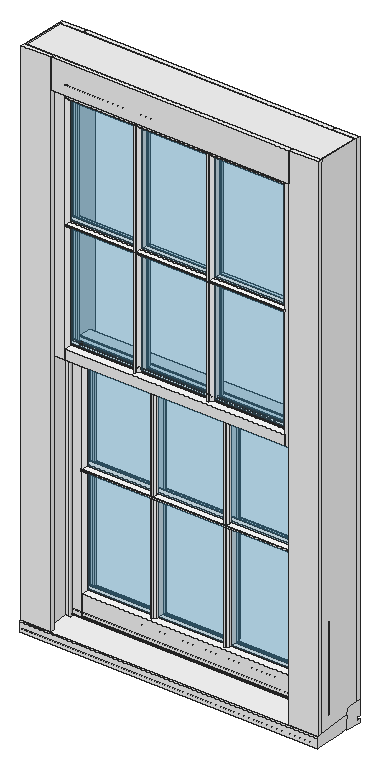
Revit family "B1-66", category Generic Models, Revit 2012 (continued)
Forms (mm)
  Extrusion 84, solid, material "White" <- "Floor Material"
    sketch origin (-86.465, 775.395, 333.96) x (-1, 0, 0) y (0, -1, 0)
      loop
        line (-196.365, 777.429) -> (-196.365, 778.733) -> (-201.693, 778.733) -> (-201.693, 777.429) -> (-200.433, 777.429) -> (-197.323, 777.429) -> (-196.365, 777.429)
    from 618 to 977.04
  Extrusion 85, solid, material "White" <- "Floor Material"
    sketch origin (-86.465, 775.395, 308.96) x (-1, 0, 0) y (0, -1, 0)
      loop
        line (-201.578, 772.766) -> (-195.897, 772.766)
        spline (-195.897, 772.766) -> (-196.288, 773.028) -> (-196.546, 773.345) -> (-196.701, 773.707) -> (-196.782, 774.104) -> (-196.817, 774.528) -> (-196.837, 774.968) -> (-196.871, 775.416) -> (-196.947, 775.861) -> (-197.095, 776.295) -> (-197.343, 776.707) -> (-197.722, 777.088) -> (-198.261, 777.429)
        line (-198.261, 777.429) -> (-199.495, 777.429)
        spline (-199.495, 777.429) -> (-200.004, 777.07) -> (-200.356, 776.68) -> (-200.579, 776.266) -> (-200.702, 775.836) -> (-200.755, 775.398) -> (-200.766, 774.96) -> (-200.765, 774.529) -> (-200.779, 774.114) -> (-200.839, 773.722) -> (-200.973, 773.362) -> (-201.21, 773.041) -> (-201.578, 772.766)
    from 643 to 1002.04
  Extrusion 86, solid, material "White" <- "Floor Material"
    sketch origin (-85.541, 770.224, 333.96) x (-1, 0, 0) y (0, -1, 0)
      loop
        line (-201.463, 771.474) -> (-199.969, 771.474) -> (-199.969, 772.26) -> (-200.769, 772.26) -> (-200.769, 773.563) -> (-195.441, 773.563) -> (-195.441, 772.26) -> (-196.241, 772.26) -> (-196.241, 771.474) -> (-194.463, 771.474) -> (-194.463, 774.474) -> (-196.777, 774.474) -> (-196.777, 778.474) -> (-199.213, 778.474) -> (-199.213, 774.474) -> (-201.463, 774.474) -> (-201.463, 771.474)
    from 618 to 1336.04
  Extrusion 87, solid, material "White" <- "Floor Material"
    sketch origin (-84.582, -643.152, 0) x (-1, 0, 0) y (0, -1, 0)
      loop
        line (-288.504, -795.902) -> (-206.504, -795.902) -> (-206.504, -780.902) -> (-288.504, -780.902) -> (-288.504, -795.902)
    from 68 to 1770
  Extrusion 88, solid, material "White" <- "Floor Material"
    sketch origin (-84.582, -643.152, 0) x (-1, 0, 0) y (0, -1, 0)
      loop
        line (-288.504, -621.902) -> (-288.504, -636.902) -> (-188.504, -636.902) -> (-188.504, -621.902) -> (-288.504, -621.902)
    from 33 to 1770
  Extrusion 89, solid, material "White" <- "Floor Material"
    sketch origin (-174.603, 18.977, 0) x (0, 1, 0) y (0, 0, 1)
      loop
        line (118.773, 68) -> (118.773, 1770) -> (-25.227, 1770) -> (-25.227, 35.138) -> (79.523, 48) -> (79.523, 52.913)
        arc (79.523, 52.913) -> (82.523, 55.913) -> (79.523, 58.913) r 3
        line (79.523, 58.913) -> (79.523, 63.825) -> (113.523, 68) -> (118.773, 68)
    from 372.603 to 378.603
  Extrusion 90, solid, material "White" <- "Floor Material"
    sketch origin (-84.583, -643.152, 0) x (-1, 0, 0) y (0, -1, 0)
      loop
        line (-232.504, -775.902) -> (-223.504, -775.902) -> (-223.504, -780.902) -> (-215.504, -780.902) -> (-215.504, -775.902) -> (-206.504, -775.902) -> (-206.504, -641.902) -> (-215.504, -641.902) -> (-215.504, -636.902) -> (-223.504, -636.902) -> (-223.504, -641.902) -> (-232.504, -641.902) -> (-232.504, -775.902)
    from 0 to 1670
  Extrusion 91, solid, material "White" <- "Floor Material"
    sketch origin (-84.582, -571.902, -672) x (-1, 0, 0) y (0, -1, 0)
      loop
        line (-162.504, -700.402) -> (-157.504, -700.402) -> (-157.504, -697.402)
        arc (-157.504, -697.402) -> (-151.847, -695.059) -> (-149.504, -689.402) r 8
        line (-149.504, -689.402) -> (-146.504, -689.402) -> (-146.504, -685.402) -> (-150.504, -684.402) -> (-150.504, -681.402) -> (-162.504, -681.402) -> (-162.504, -700.402)
    from 705 to 1545.52
  Extrusion 92, solid, material "White" <- "Floor Material"
    sketch origin (-84.582, -571.902, 81.96) x (-1, 0, 0) y (0, -1, 0)
      loop
        line (-162.504, -643.402) -> (-199.504, -643.402)
        arc (-199.504, -643.402) -> (-201.625, -644.281) -> (-202.504, -646.402) r 3
        line (-202.504, -646.402) -> (-202.504, -651.402) -> (-196.504, -651.402) -> (-196.504, -654.402) -> (-202.504, -654.402) -> (-202.504, -667.402) -> (-196.504, -667.402) -> (-196.504, -679.402) -> (-202.504, -679.402) -> (-202.504, -700.402)
        arc (-202.504, -700.402) -> (-201.625, -702.524) -> (-199.504, -703.402) r 3
        line (-199.504, -703.402) -> (-162.504, -703.402) -> (-162.504, -643.402)
    from 791.56 to 1603.04
  Extrusion 93, solid, material "White" <- "Floor Material"
    sketch origin (-1191.481, -714.403, 1493.434) x (0, 0, -1) y (0, 1, 0)
      loop
        arc (-199.504, 774.402) -> (-201.625, 773.524) -> (-202.504, 771.402) r 3
        line (-202.504, 771.402) -> (-202.504, 766.402) -> (-196.504, 766.402) -> (-196.504, 763.402) -> (-202.504, 763.402) -> (-202.504, 750.402) -> (-196.504, 750.402) -> (-196.504, 738.402) -> (-202.504, 738.402) -> (-202.504, 717.402)
        arc (-202.504, 717.402) -> (-201.625, 715.281) -> (-199.504, 714.402) r 3
        line (-199.504, 714.402) -> (-156.504, 714.402) -> (-146.504, 724.402) -> (-146.504, 726.402) -> (-162.504, 726.402) -> (-162.504, 774.402) -> (-199.504, 774.402)
    from 523.56 to 1263.403
  Extrusion 94, solid, material "White" <- "Floor Material", detail levels fine
    sketch origin (418.078, -54.096, 1263.345) x (0, 0, 1) y (0, 1, 0)
      loop
        line (-8.825, 91.096) -> (11.175, 91.096) -> (11.175, 99.096) -> (9.175, 99.096) -> (9.175, 101.596)
        arc (9.175, 101.596) -> (7.469, 106.111) -> (3.675, 109.096) r 9
        line (3.675, 109.096) -> (3.675, 111.096) -> (-1.325, 111.096) -> (-1.325, 109.096)
        arc (-1.325, 109.096) -> (-5.325, 105.779) -> (-6.825, 100.804) r 9
        line (-6.825, 100.804) -> (-6.825, 99.096) -> (-8.825, 99.096) -> (-8.825, 91.096)
      loop
        line (11.175, 62.296) -> (11.175, 65.096) -> (-8.825, 65.096) -> (-8.825, 62.296) -> (-1.325, 54.142) -> (-1.325, 52.142) -> (3.675, 52.142) -> (3.675, 54.142) -> (11.175, 62.296)
    from 345.078 to 1087.078
  Extrusion 95, solid, material "White" <- "Floor Material"
    sketch origin (418.078, 0, 1662.614) x (0, 0, 1) y (0, 1, 0)
      loop
        line (-408.094, 34) -> (-408.094, 18) -> (-388.094, 18) -> (-388.094, 34) -> (-408.094, 34)
    from 345.078 to 1087.078
Dimensions and locks
  plane 4 to level = 1770 mm
  plane 8 to plane 5 = 131 mm  (x3)
  plane 9 to plane 7 = 159 mm
  locked: plane 10 to plane 11 at 44
  locked: plane 4 to plane 12 at 100
  locked: plane 13 to plane 12 at 14
  plane 14 to level = 33 mm
  locked: Extrusion 57 to Extrusion 57 at 6
  Extrusion 4 to Extrusion 4 = 4 mm
  locked: plane 4 to plane 15 at 82
  plane 16 to level = 68 mm
  Extrusion 56 to Extrusion 23 = 1770 mm
  plane 29 to level = 1770 mm
  plane 33 to level = 484 mm
  plane 17 to plane 5 = 1004 mm
  plane 18 to plane 5 = 368.5 mm
  Extrusion 56 to plane 19 = 615 mm
  plane 17 to plane 3 "Center (Left/Right)" = 100 mm
  locked: Extrusion 89 to Extrusion 89 at 6
  plane 35 to level = 1254.52 mm
  aligned and locked: level to plane 2
  aligned and locked: Extrusion 5 to Extrusion 6
  aligned and locked: Extrusion 33 to Extrusion 32
  aligned and locked: Extrusion 15 to plane 8
  aligned and locked: Extrusion 13 to plane 8
  aligned and locked: Extrusion 20 to plane 8
  aligned and locked: Extrusion 17 to plane 8
  aligned and locked: Extrusion 16 to plane 8
  aligned and locked: Extrusion 18 to plane 8
  aligned and locked: Extrusion 21 to plane 8
  aligned and locked: Extrusion 8 to plane 8
  aligned and locked: Extrusion 10 to plane 8
  aligned and locked: Extrusion 3 to plane 8
  aligned and locked: Extrusion 9 to plane 8
  aligned and locked: Extrusion 5 to plane 8
  aligned and locked: Extrusion 7 to plane 8
  aligned and locked: Extrusion 6 to plane 8
  aligned and locked: Extrusion 9 to Extrusion 15
  aligned and locked: Extrusion 8 to Extrusion 15
  aligned and locked: Extrusion 28 to plane 8
  aligned and locked: Extrusion 26 to plane 8
  aligned and locked: Extrusion 30 to plane 8
  aligned and locked: Extrusion 33 to plane 8
  aligned and locked: Extrusion 32 to plane 8
  aligned and locked: Extrusion 34 to plane 8
  aligned and locked: Extrusion 35 to plane 8
  aligned and locked: Extrusion 31 to plane 8
  aligned and locked: Extrusion 27 to plane 8
  aligned and locked: Extrusion 4 to plane 8
  aligned and locked: plane 10 to Extrusion 2
  aligned and locked: plane 11 to Extrusion 1
  aligned and locked: Extrusion 42 to plane 11
  aligned and locked: plane 13 to Extrusion 42
  aligned and locked: plane 13 to Extrusion 43
  aligned and locked: plane 13 to Extrusion 53
  aligned and locked: plane 13 to Extrusion 52
  aligned and locked: plane 13 to Extrusion 51
  aligned and locked: plane 13 to Extrusion 45
  aligned and locked: Extrusion 14 to Extrusion 54
  aligned and locked: Extrusion 24 to plane 17
Types (3, lengths in mm): name | Width | Height | GlazingPanelMaterial | Floor Material
  Window Sill drawing | 1600 | 1250 | Glass | White
  Access Manager | 1250 | 1250 | none | none
  window family | 1004 | 1770 | Glass | 1.12A ANCHOR FIXING
